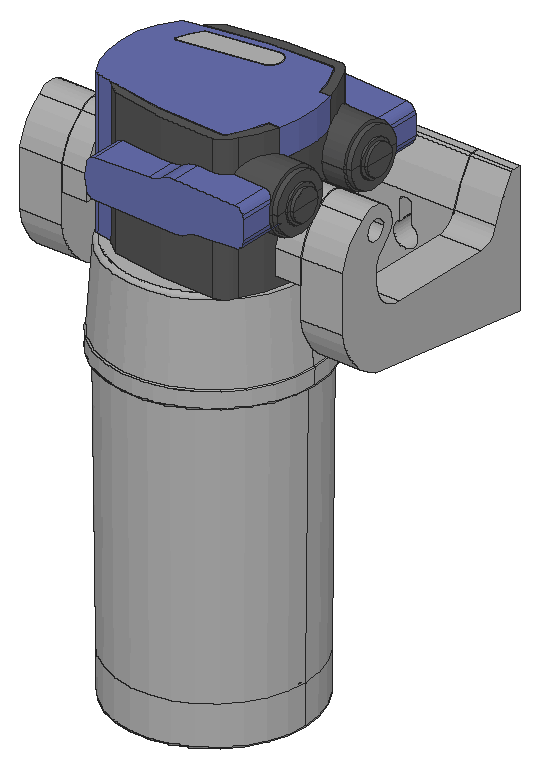
Revit family "QF_Vivreau_PURITY C1000 AC", category Specialty Equipment, Revit 2019
Family settings
  Round Connector Dimension = Use Diameter
  Part Type = Normal
  OmniClass Number = 23.40.40.14.24
  OmniClass Title = Food Dispensing Equipment
  Work Plane-Based = No
  Always vertical = Yes
  Cut with Voids When Loaded = No
  Shared = No
  Room Calculation Point = No
Parameters
  Width = 0' - 4 1/4"  # constant formula
  Weight in Pounds = 2.2
  Wall Bracket Location [instance] = if(Wall Bracket, 0' 0 15/16", 0' 0")  # 0' - 0 15/16"
  Wall Bracket [instance] = yes
  URL Cutsheet = "https://vivreauwater.com/wp-content/uploads/2023/03/Purity-C-1000-AC_EN.pdf"
  URL = "www.vivreauwater.com/professional-filters"
  Status = ""
  Specification by User [instance] = ""
  Specification by Manufacturer = "PURITY C1000 AC water filtration cartridge. Max. operating pressure 125 psi, water intake temperature 39.2 - 86 Fahrenheit. Dimensions with filter head  w/d/h 4.29/3.66/9.37 inch. Weight dry/wet 1.1/2.2 lb, position vertical. 2 step filtration process with pre-filtration and activated carbon filtration."
  Serial Number [instance] = ""
  Seismic Rating = ""
  SMACNA No = ""
  Revision Code = ""
  Plumbing Remarks = ""
  Plumbing Connection Type = "NPT"
  NAFEM Spec ID Number = ""
  Mounting Height [instance] = 3' - 0"
  Model = "PURITY C1000 AC"
  Masterspec = "Division 11"
  Manufacturer = "Vivreau"
  Item Number [instance] = ""
  Installed By [instance] = ""
  Identify Quantity as Lot = yes
  Height = 0' - 9 23/64"  # constant formula
  Furnished By [instance] = ""
  Foodservice Equipment Identifier = yes
  Description = "Water Filter"
  Depth = 0' - 4 1/4"  # constant formula
  Cold Water Temperature Recommended = 40 °F
  Cold Water Size = 1/2"
  Cold Water RI Height = 0' - 0"
  Cold Water Minimum Pressure = 29.00 psi
  Cold Water Maximum Pressure = 125.00 psi
  Cold Water Flow = 0.617 GPM
  Cold Water Connection Height = 0' - 9 1/2"
  CSI MasterFormat = "11 46 00"
  Assembly Code = "E1090320"
Reference planes (in)
  plane 1 "BACK": y = 0
  plane 2 "REF. LAYER": z = 0
  plane 3 "LEFT": x = 0
  plane 4 "RIGHT": x = 4.25
  plane 5 "FRONT": y = -4.25
  plane 6 "Center (Left/Right)": x = 2.125
  plane 7 "Center (Front/Back)": y = -2.125
  plane 8 "Center (Bottom/Top)": z = 36
  plane 9 "Center F/C": z = 45.35938
  plane 10 "Center F/G": z = 43.58765
  plane 11 "Center F/I": z = 44.50338
  plane 12 "Center F/J": x = 4.31004
  plane 13 "Center F/K": y = 0.9375
Forms (in)
  Revolve 1, solid, material "QF_Plastic-Gray-Smooth"
    sketch origin (0, -2.125, 0) x (1, 0, 0) y (0, 0, 1)
      loop
        arc (3.82382, 41.24016) -> (3.83774, 41.24592) -> (3.8435, 41.25984) r 0.01969
        line (3.8435, 41.25984) -> (3.8435, 41.51575) -> (3.82788, 41.54281)
        arc (3.82788, 41.54281) -> (3.80203, 42.19614) -> (3.73013, 42.846) r 9.25537
        arc (3.73013, 42.846) -> (3.7037, 42.89416) -> (3.65222, 42.91333) r 0.07874
        line (3.65222, 42.91333) -> (3.36459, 42.91333)
        arc (3.36459, 42.91333) -> (3.35071, 42.91905) -> (3.3449, 42.93289) r 0.01969
        arc (3.3449, 42.93289) -> (3.33965, 43.1915) -> (3.32718, 43.44986) r 9.25537
        line (3.32718, 43.44986) -> (3.30103, 43.48908)
        arc (3.30103, 43.48908) -> (3.29119, 43.50994) -> (3.28781, 43.53275) r 0.07874
        line (3.28781, 43.53275) -> (3.28781, 43.56797)
        arc (3.28781, 43.56797) -> (3.28204, 43.58189) -> (3.26812, 43.58765) r 0.01969
        line (3.26812, 43.58765) -> (2.125, 43.58765) -> (2.125, 36.07874) -> (2.20374, 36.07874)
        arc (2.20374, 36.07874) -> (2.95652, 36.22627) -> (3.59793, 36.64705) r 1.99429
        line (3.59793, 36.64705) -> (3.60888, 36.01947)
        arc (3.60888, 36.01947) -> (3.61481, 36.00568) -> (3.6287, 36) r 0.01982
        line (3.6287, 36) -> (3.66798, 36)
        arc (3.66798, 36) -> (3.68217, 36.00584) -> (3.68814, 36.01999) r 0.02016
        line (3.68814, 36.01999) -> (3.69394, 36.68504) -> (3.7372, 41.24016) -> (3.82382, 41.24016)
      axis (2.125, 43.58765) -> (2.125, 36)
    angle from 0 to 360
Lines and regions (in)
  symbolic lines
    curve 1: arc (4.21161, -2.52708, 0) -> (4.25, -2.125, 0) -> (4.21161, -1.72292, 0) r 2.125
    curve 2: arc (1.55403, -0.50412, 0) -> (0.77429, -1.06253, 0) -> (0.41524, -1.95184, 0) r 1.7185
    curve 3: arc (0.41521, -2.29787, 0) -> (0.77418, -3.18732, 0) -> (1.55394, -3.74585, 0) r 1.7185
Dimensions and locks (in)
  "Width": plane 3 "LEFT" to plane 4 "RIGHT"
  "Depth": plane 5 "FRONT" to plane 1 "BACK"
  equal spacing: plane 3 "LEFT", plane 6 "Center (Left/Right)", plane 4 "RIGHT"
  equal spacing: plane 5 "FRONT", plane 7 "Center (Front/Back)", plane 1 "BACK"
  "Mounting Height": plane 8 "Center (Bottom/Top)" to plane 2 "REF. LAYER"
  plane 11 "Center F/I" to plane 10 "Center F/G" to plane 8 "Center (Bottom/Top)" = 0' - 0.91573" locked, 0' - 7.58765" locked
  "Height": plane 9 "Center F/C" to plane 8 "Center (Bottom/Top)"
  locked: plane 4 "RIGHT" to plane 12 "Center F/J" at 0.06004
  "Wall Bracket Location": plane 1 "BACK" to plane 13 "Center F/K"
  aligned and locked: level to plane 2 "REF. LAYER"
  aligned and locked: plane 7 "Center (Front/Back)" to nested 1
  aligned and locked: nested 1 to plane 12 "Center F/J"
  aligned and locked: plane 13 "Center F/K" to nested 2
Automatic sketch dimensions
  Revolve 1 sketch curve to plane 6 "Center (Left/Right)" = 0' - 0"  (x2)
  Revolve 1 sketch curve to plane 10 "Center F/G" = 0' - 0"  (x2)
  Revolve 1 sketch curve to plane 8 "Center (Bottom/Top)" = 0' - 0"
  Revolve 1 sketch curve to plane 10 "Center F/G" = 0' - 2.08382"
  Revolve 1 sketch curve to plane 3 "LEFT" = 0' - 5.42741"
  Revolve 1 sketch curve to plane 10 "Center F/G" = 0' - 0.71331"
  Revolve 1 sketch curve to Revolve 1 sketch curve = 0' - 0.48287"
  plane 6 "Center (Left/Right)" to Revolve 1 sketch curve = 0' - 0.07874"
  Revolve 1 sketch curve to plane 10 "Center F/G" = 0' - 0.01969"
  Revolve 1 sketch curve to plane 4 "RIGHT" = 0' - 0.98188"
  Revolve 1 sketch curve to plane 10 "Center F/G" = 0' - 0.09858"
  Revolve 1 sketch curve to Revolve 1 sketch curve = 0' - 0.01322"
  Revolve 1 sketch curve to plane 10 "Center F/G" = 0' - 0.1378"
  Revolve 1 sketch curve to Revolve 1 sketch curve = 0' - 0.02615"
  Revolve 1 sketch curve to Revolve 1 sketch curve = 0' - 0.03741"
  Revolve 1 sketch curve to plane 10 "Center F/G" = 0' - 0.0549"
  plane 8 "Center (Bottom/Top)" to Revolve 1 sketch curve = 0' - 0.01947"
  Revolve 1 sketch curve to plane 4 "RIGHT" = 0' - 0.64112"
  Revolve 1 sketch curve to Revolve 1 sketch curve = 0' - 0.01982"
  Revolve 1 sketch curve to Revolve 1 sketch curve = 0' - 0.28763"
  Revolve 1 sketch curve to Revolve 1 sketch curve = 0' - 0.03928"
  plane 8 "Center (Bottom/Top)" to Revolve 1 sketch curve = 0' - 0.01999"
  Revolve 1 sketch curve to Revolve 1 sketch curve = 0' - 0.02016"
  Revolve 1 sketch curve to plane 4 "RIGHT" = 0' - 0.55606"
  Revolve 1 sketch curve to plane 4 "RIGHT" = 0' - 0.5128"
  Revolve 1 sketch curve to Revolve 1 sketch curve = 0' - 0.08661"
  Revolve 1 sketch curve to Revolve 1 sketch curve = 0' - 0.00406"
  Revolve 1 sketch curve to Revolve 1 sketch curve = 0' - 0 1/64"
  plane 8 "Center (Bottom/Top)" to Revolve 1 sketch curve = 0' - 0.07874"
  Revolve 1 sketch curve to Revolve 1 sketch curve = 0' - 0.66505"
  Revolve 1 sketch curve to Revolve 1 sketch curve = 0' - 1.99429"
  Revolve 1 sketch curve to Revolve 1 sketch curve = 0' - 2.2097"
  Revolve 1 sketch curve to Revolve 1 sketch curve = 0' - 0.25591"
  Revolve 1 sketch curve to Revolve 1 sketch curve = 0' - 0.02706"
  Revolve 1 sketch curve to Revolve 1 sketch curve = 0' - 0.61527"
  Revolve 1 sketch curve to Revolve 1 sketch curve = 0' - 0.07874"
  Revolve 1 sketch curve to Revolve 1 sketch curve = 0' - 0.01969"
  Revolve 1 sketch curve to Revolve 1 sketch curve = 0' - 0.09601"
  Revolve 1 sketch curve to plane 8 "Center (Bottom/Top)" = 0' - 0.91235"
  curve 1 to curve 2 = 0' - 0"  (x2)
  curve 1 to curve 3 = 0' - 0"  (x2)
  curve 2 to curve 3 = 0' - 0"  (x2)
  curve 1 to plane 6 "Center (Left/Right)" = 0' - 0"
  plane 7 "Center (Front/Back)" to curve 2 = 0' - 0"
  curve 2 to plane 6 "Center (Left/Right)" = 0' - 0.57097"
  curve 3 to plane 6 "Center (Left/Right)" = 0' - 0.57106"
  curve 2 to plane 7 "Center (Front/Back)" = 0' - 0.17316"
  plane 3 "LEFT" to curve 2 = 0' - 0.41524"
  plane 7 "Center (Front/Back)" to curve 3 = 0' - 0.17287"
  curve 3 to curve 2 = 0' - 0.00003"
  curve 1 to plane 4 "RIGHT" = 0' - 0.03839"  (x2)
  plane 7 "Center (Front/Back)" to curve 1 = 0' - 0.40208"
Nested families (in)
  nested 1: "QF_Vivreau_ Filter Head" at (0.56167, -0.22503, -1.07084), Mounting Height <- "Mounting Height", type "QF_Vivreau_ Filter Head"
    with Specification by User "", Serial Number "", Mounting Height 3' - 0", Installed By "", Furnished By ""
  nested 2: "QF_Vivreau_Wall Bracket" at (-0.61927, 0.9375, -1.07084), Mounting Height <- "Mounting Height", visible <- "Wall Bracket", type "QF_Vivreau_Wall Bracket"
    with Specification by User "", Serial Number "", Mounting Height 3' - 0", Installed By "", Furnished By ""
Connectors (in)
  piping at (4.31004, -2.9124, 44.50338), diameter 0.5, driven by "Cold Water Size", driven by "Cold Water Flow"
    settings: on nested 1, index 1, connector inside diameter 24", connector length 0' - 0", flow factor 0, pipe flow 0.617 GPM, pressure drop 0.00 psi, fitting loss kfactor 0, connector angle 0.00°, fixture units 0, engagement length 0' - 0", angle of deflection 0.00°, flow configuration 1, flow direction 1, fitting loss method 0, system type 20, joint type 0, gender type 0, connector reference index -1, connector utility 0, adjustable connector no, is connector primary yes, connector description "Cold Water"
Definition of nested family "QF_Vivreau_ Filter Head"
  Parameters (values of type "QF_Vivreau_ Filter Head")
    Width = 3' - 0"
    Weight in Pounds = 0
    URL Cutsheet = ""
    Status = ""
    Specification by User [instance] = ""
    Specification by Manufacturer = ""
    Serial Number [instance] = ""
    Seismic Rating = ""
    SMACNA No = ""
    Revision Code = ""
    NAFEM Spec ID Number = ""
    Mounting Height [instance] = 3' - 0"
    Masterspec = ""
    Installed By [instance] = ""
    Identify Quantity as Lot = yes
    Height = 3' - 0"
    Furnished By [instance] = ""
    Foodservice Equipment Identifier = yes
    Depth = 3' - 0"
    CSI MasterFormat = ""
  Reference planes (in)
    plane 1 "BACK": y = 0
    plane 2 "REF. LAYER": z = 0
    plane 3 "LEFT": x = 0
    plane 4 "Center F/C": x = 3.74837
    plane 5 "Center F/D": y = -3.83618
    plane 6 "Center F/E": z = 45.57422
    plane 7 "Center F/F": z = 46.4291
    plane 8 "Center F/G": z = 44.00529
    plane 9 "Center F/H": z = 45.10088
    plane 10 "Center F/I": z = 45.92897
    plane 11 "Center F/J": y = -1.89997
    plane 12 "Center F/K": z = 36
    plane 13 "Center F/L": z = 46.28629
  Forms (in)
    Extrusion 1, solid
      sketch origin (-0.56167, 0.22503, 0) x (1, 0, 0) y (0, 1, 0)
        loop
          arc (3.17939, -3.30146) -> (3.22697, -3.28602) -> (3.25911, -3.24769) r 0.09059
          arc (3.25911, -3.24769) -> (3.55796, -2.125) -> (3.25911, -1.00231) r 2.25819
          arc (3.25911, -1.00231) -> (3.22697, -0.96398) -> (3.17939, -0.94854) r 0.09059
          arc (3.17939, -0.94854) -> (2.02567, -0.99526) -> (0.89165, -1.21272) r 7.75678
          arc (0.89165, -1.21272) -> (0.86179, -1.21999) -> (0.83702, -1.2382) r 0.07824
          arc (0.83702, -1.2382) -> (0.56167, -2.125) -> (0.83702, -3.0118) r 1.56569
          arc (0.83702, -3.0118) -> (0.86179, -3.03001) -> (0.89165, -3.03728) r 0.07824
          arc (0.89165, -3.03728) -> (2.02567, -3.25474) -> (3.17939, -3.30146) r 7.75678
      from 44.00529 to 46.4291
    Revolve 2, solid
      sketch origin (-16.04659, -180, 45.57422) x (-1, 0, 0) y (0, -1, 0)
        loop
          line (-19.59812, -178.88743) -> (-18.72075, -178.88743) -> (-18.7668, -178.36111) -> (-19.59812, -178.37562) -> (-19.59812, -178.88743)
        axis (-18.72075, -178.88743) -> (-19.59812, -178.88743)
      angle from 0 to 360
    Revolve 3, solid
      sketch origin (-16.04659, -180, 45.57422) x (-1, 0, 0) y (0, -1, 0)
        loop
          line (-19.59812, -177.31262) -> (-18.72075, -177.31262) -> (-18.7668, -176.7863) -> (-19.59812, -176.80081) -> (-19.59812, -177.31262)
        axis (-18.72075, -177.31262) -> (-19.59812, -177.31262)
      angle from 0 to 360
    Extrusion 4, void
      sketch origin (-0.56167, 0.22503, 0) x (0, 1, 0) y (0, 0, 1)
        loop
          circle (-2.125, 45.04272) r 0.20757
      from 3.17075 to 3.77712
    Extrusion 5, void
      sketch origin (-2.8954, 0.22503, 0) x (0, 1, 0) y (0, 0, 1)
        loop
          circle (-2.125, 45.04272) r 0.20757
      from 2.77402 to 3.28855
    Revolve 6, solid
      sketch origin (-16.04659, -180, 45.57422) x (-1, 0, 0) y (0, -1, 0)
        loop
          line (-19.59812, -178.88743) -> (-19.59812, -178.41499) -> (-19.69654, -178.41499) -> (-19.69654, -178.58034) -> (-19.73591, -178.58379) -> (-19.73591, -178.63349) -> (-19.79497, -178.63349) -> (-19.79497, -178.88743) -> (-19.59812, -178.88743)
        axis (-19.59812, -178.88743) -> (-19.79497, -178.88743)
      angle from 0 to 360
    Revolve 7, solid
      sketch origin (-16.04659, -180, 45.57422) x (-1, 0, 0) y (0, -1, 0)
        loop
          line (-19.59812, -177.31262) -> (-19.59812, -176.84018) -> (-19.69654, -176.84018) -> (-19.69654, -177.00554) -> (-19.73591, -177.00898) -> (-19.73591, -177.05869) -> (-19.79497, -177.05869) -> (-19.79497, -177.31262) -> (-19.59812, -177.31262)
        axis (-19.59812, -177.31262) -> (-19.79497, -177.31262)
      angle from 0 to 360
    Extrusion 8, solid
      sketch origin (0, 0, 0) x (0, 1, 0) y (0, 0, 1)
        loop
          circle (-1.89997, 45.04272) r 0.20757
        loop
          circle (-1.89997, 45.04272) r 0.14507
      from 2.60908 to 3.21169
    Extrusion 9, solid
      sketch origin (-2.62125, 0, 0) x (0, 1, 0) y (0, 0, 1)
        loop
          circle (-1.89997, 45.04272) r 0.20757
        loop
          circle (-1.89997, 45.04272) r 0.14507
      from 2.60908 to 3.01441
    Extrusion 10, solid
      sketch origin (0, 0, 0) x (1, 0, 0) y (0, 1, 0)
        loop
          arc (2.61773, -0.72352) -> (2.65703, -0.73399) -> (2.68778, -0.7606) r 0.09059
          arc (2.68778, -0.7606) -> (2.99629, -1.89997) -> (2.68778, -3.03935) r 2.25819
          arc (2.68778, -3.03935) -> (2.65703, -3.06596) -> (2.61773, -3.07643) r 0.09059
          arc (2.61773, -3.07643) -> (1.60555, -3.04475) -> (0.60613, -2.88147) r 7.75678
          arc (0.60613, -2.88147) -> (0.72009, -2.98959) -> (0.8462, -3.08325) r 1.30616
          arc (0.8462, -3.08325) -> (1.72654, -3.2138) -> (2.6163, -3.23254) r 7.05821
          arc (2.6163, -3.23254) -> (2.77551, -3.16312) -> (2.87152, -3.01839) r 0.30684
          arc (2.87152, -3.01839) -> (3.18694, -1.89997) -> (2.87152, -0.78156) r 2.14057
          arc (2.87152, -0.78156) -> (2.77551, -0.63683) -> (2.6163, -0.5674) r 0.30684
          arc (2.6163, -0.5674) -> (1.72654, -0.58614) -> (0.8462, -0.7167) r 7.05821
          arc (0.8462, -0.7167) -> (0.72009, -0.81036) -> (0.60613, -0.91847) r 1.30616
          arc (0.60613, -0.91847) -> (1.60555, -0.7552) -> (2.61773, -0.72352) r 7.75678
      from 44.00529 to 46.4291
    Extrusion 11, void
      sketch origin (0, 0, 0) x (1, 0, 0) y (0, 1, 0)
        loop
          arc (2.92876, -1.35185) -> (2.99629, -1.89997) -> (2.92876, -2.4481) r 2.25819
          line (2.92876, -2.4481) -> (3.11557, -2.4481)
          arc (3.11557, -2.4481) -> (3.18694, -1.89997) -> (3.11557, -1.35185) r 2.14057
          line (3.11557, -1.35185) -> (2.92876, -1.35185)
      from 45.92897 to 46.4291
    Extrusion 12, solid
      sketch origin (0, 0, 0) x (1, 0, 0) y (0, 1, 0)
        loop
          arc (0.70049, -1.02146) -> (0.59462, -1.21203) -> (0.51669, -1.41563) r 1.54109
          arc (0.51669, -1.41563) -> (0.54, -1.44367) -> (0.57618, -1.44818) r 0.04958
          arc (0.57618, -1.44818) -> (1.21574, -1.31536) -> (1.86503, -1.24405) r 6.85047
          arc (1.86503, -1.24405) -> (2.03249, -1.03201) -> (1.82552, -0.85833) r 0.19395
          arc (1.82552, -0.85833) -> (1.26009, -0.91975) -> (0.70049, -1.02146) r 7.94315
      from 46.28629 to 46.4291
    Extrusion 13, solid
      sketch origin (0, 0, 0) x (1, 0, 0) y (0, 1, 0)
        loop
          arc (3.11557, -2.4481) -> (3.18694, -1.89997) -> (3.11557, -1.35185) r 2.14057
          line (3.11557, -1.35185) -> (2.92876, -1.35185)
          arc (2.92876, -1.35185) -> (2.99629, -1.89997) -> (2.92876, -2.4481) r 2.25819
          line (2.92876, -2.4481) -> (3.11557, -2.4481)
      from 45.92897 to 46.4291
    Extrusion 14, void
      sketch origin (0, 0, 0) x (1, 0, 0) y (0, 1, 0)
        loop
          arc (0.57618, -1.44818) -> (1.21574, -1.31536) -> (1.86503, -1.24405) r 6.85047
          arc (1.86503, -1.24405) -> (2.03249, -1.03201) -> (1.82552, -0.85833) r 0.19395
          arc (1.82552, -0.85833) -> (1.26009, -0.91975) -> (0.70049, -1.02146) r 7.94315
          arc (0.70049, -1.02146) -> (0.59462, -1.21203) -> (0.51669, -1.41563) r 1.54109
          arc (0.51669, -1.41563) -> (0.54, -1.44367) -> (0.57618, -1.44818) r 0.04958
      from 46.28629 to 46.4291
  Cuts and joins
    Extrusion 4, Extrusion 5, Extrusion 14 cuts Extrusion 1
    joined: Extrusion 1, Extrusion 13
    Extrusion 11 cuts Extrusion 10
  Lines and regions (in)
    symbolic lines
      curve 1: arc (0.32999, -2.81225, 0) -> (1.464, -3.02972, 0) -> (2.61773, -3.07643, 0) r 7.75678
      curve 2: arc (2.61773, -3.07643, 0) -> (2.6653, -3.061, 0) -> (2.69744, -3.02266, 0) r 0.09059
      curve 3: arc (2.69744, -3.02266, 0) -> (2.99629, -1.89997, 0) -> (2.69744, -0.77728, 0) r 2.25819
      curve 4: arc (2.69744, -0.77728, 0) -> (2.6653, -0.73895, 0) -> (2.61773, -0.72352, 0) r 0.09059
      curve 5: arc (2.61773, -0.72352, 0) -> (1.464, -0.77023, 0) -> (0.32999, -0.9877, 0) r 7.75678
      curve 6: arc (0.32999, -0.9877, 0) -> (0.30012, -0.99496, 0) -> (0.27535, -1.01317, 0) r 0.07824
      curve 7: arc (0.27535, -1.01317, 0) -> (0, -1.89997, 0) -> (0.27535, -2.78678, 0) r 1.56569
      curve 8: arc (0.27535, -2.78678, 0) -> (0.30012, -2.80499, 0) -> (0.32999, -2.81225, 0) r 0.07824
      curve 9: line (3.74837, -2.94131, 0) -> (3.68932, -2.94131, 0)
      curve 10: arc (0.85161, -0.6986, 0) -> (0.82653, -0.78661, 0) -> (0.80424, -0.87538, 0) r 2.89017
      curve 11: arc (0.85161, -0.6986, 0) -> (0.87512, -0.61425, 0) -> (0.90582, -0.53225, 0) r 1.0142
      curve 12: arc (0.90582, -0.53225, 0) -> (0.95826, -0.37458, 0) -> (1.01402, -0.21806, 0) r 7.87402
      curve 13: arc (1.01402, -0.21806, 0) -> (1.03304, -0.19156, 0) -> (1.06321, -0.17918, 0) r 0.05912
      curve 14: arc (1.06321, -0.17918, 0) -> (2.22788, -0.07327, 0) -> (3.39529, -0.1428, 0) r 7.79531
      curve 15: arc (3.39529, -0.1428, 0) -> (3.42859, -0.1583, 0) -> (3.44724, -0.18996, 0) r 0.0619
      curve 16: arc (3.44724, -0.18996, 0) -> (3.48188, -0.39473, 0) -> (3.50801, -0.60076, 0) r 5.02104
      curve 17: line (3.64995, -0.64013, 0) -> (3.55152, -0.64013, 0)
      curve 18: line (3.55152, -0.64013, 0) -> (3.55152, -0.60076, 0)
      curve 19: line (3.55152, -0.60076, 0) -> (3.50801, -0.60076, 0)
      curve 20: line (3.55152, -0.64013, 0) -> (3.55152, -1.62438, 0)
      curve 21: line (3.55152, -1.62438, 0) -> (3.16998, -1.63104, 0)
      curve 22: line (3.64995, -1.58501, 0) -> (3.55152, -1.58501, 0)
      curve 23: line (3.64995, -1.58501, 0) -> (3.64995, -0.64013, 0)
      curve 24: line (3.68932, -1.41621, 0) -> (3.64995, -1.41966, 0)
      curve 25: line (3.68932, -1.41621, 0) -> (3.68932, -0.80849, 0)
      curve 26: line (3.74837, -0.85864, 0) -> (3.68932, -0.85864, 0)
      curve 27: line (3.74837, -0.85864, 0) -> (3.74837, -1.36651, 0)
      curve 28: line (3.74837, -1.36651, 0) -> (3.68932, -1.36651, 0)
      curve 29: line (3.64995, -3.15982, 0) -> (3.55152, -3.15982, 0)
      curve 30: line (3.55152, -3.15982, 0) -> (3.55152, -3.19919, 0)
      curve 31: line (3.55152, -3.19919, 0) -> (3.50801, -3.19919, 0)
      curve 32: line (3.55152, -3.15982, 0) -> (3.55152, -2.17556, 0)
      curve 33: line (3.64995, -2.21493, 0) -> (3.55152, -2.21493, 0)
      curve 34: line (3.64995, -2.21493, 0) -> (3.64995, -3.15982, 0)
      curve 35: line (3.68932, -2.38373, 0) -> (3.64995, -2.38029, 0)
      curve 36: line (3.68932, -2.38373, 0) -> (3.68932, -2.99146, 0)
      curve 37: line (3.74837, -2.94131, 0) -> (3.68932, -2.94131, 0)
      curve 38: line (3.74837, -2.94131, 0) -> (3.74837, -2.43344, 0)
      curve 39: line (3.74837, -2.43344, 0) -> (3.68932, -2.43344, 0)
      curve 40: arc (0.85161, -3.10135, 0) -> (0.82653, -3.01334, 0) -> (0.80424, -2.92457, 0) r 2.89017
      curve 41: arc (0.85161, -3.10135, 0) -> (0.87512, -3.1857, 0) -> (0.90582, -3.2677, 0) r 1.0142
      curve 42: arc (0.90582, -3.2677, 0) -> (0.95826, -3.42537, 0) -> (1.01402, -3.58189, 0) r 7.87402
      curve 43: arc (1.01402, -3.58189, 0) -> (1.03304, -3.60839, 0) -> (1.06321, -3.62077, 0) r 0.05912
      curve 44: arc (1.06321, -3.62077, 0) -> (2.22788, -3.72667, 0) -> (3.39529, -3.65715, 0) r 7.79531
      curve 45: arc (3.39529, -3.65715, 0) -> (3.42859, -3.64164, 0) -> (3.44724, -3.60999, 0) r 0.0619
      curve 46: arc (3.44724, -3.60999, 0) -> (3.48188, -3.40522, 0) -> (3.50801, -3.19919, 0) r 5.02104
      curve 47: line (3.55152, -3.15982, 0) -> (3.55152, -3.19919, 0)
      curve 48: line (3.55152, -3.19919, 0) -> (3.50801, -3.19919, 0)
      curve 49: line (3.55152, -3.15982, 0) -> (3.55152, -2.17556, 0)
      curve 50: line (3.55152, -2.17556, 0) -> (3.16998, -2.1689, 0)
      curve 51: line (0, 0, 0) -> (3.74837, 0, 0)
      curve 52: line (0, -1.89997, 0) -> (2.99629, -1.89997, 0)
      curve 53: line (3.64995, -0.80549, 0) -> (3.68932, -0.80849, 0)
      curve 54: line (3.64995, -2.99446, 0) -> (3.68932, -2.99146, 0)
      curve 55: arc (2.6163, -0.5674, 0) -> (1.72654, -0.58614, 0) -> (0.8462, -0.7167, 0) r 7.05821
      curve 56: arc (0.8462, -0.7167, 0) -> (0.72009, -0.81036, 0) -> (0.60613, -0.91847, 0) r 1.30616
      curve 57: arc (2.87152, -0.78156, 0) -> (2.77551, -0.63683, 0) -> (2.6163, -0.5674, 0) r 0.30684
      curve 58: arc (2.87152, -3.01839, 0) -> (3.18694, -1.89997, 0) -> (2.87152, -0.78156, 0) r 2.14057
      curve 59: arc (2.6163, -3.23254, 0) -> (2.77551, -3.16312, 0) -> (2.87152, -3.01839, 0) r 0.30684
      curve 60: arc (0.8462, -3.08325, 0) -> (1.72654, -3.2138, 0) -> (2.6163, -3.23254, 0) r 7.05821
      curve 61: arc (0.60613, -2.88147, 0) -> (0.72009, -2.98959, 0) -> (0.8462, -3.08325, 0) r 1.30616
  Dimensions and locks (in)
    plane 7 "Center F/F" to plane 10 "Center F/I" to plane 6 "Center F/E" to plane 9 "Center F/H" to plane 8 "Center F/G" = 0' - 0.50013" locked, 0' - 0.35475" locked, 0' - 0.47334" locked, 0' - 1.09559" locked
    "Mounting Height": plane 12 "Center F/K" to plane 2 "REF. LAYER"
    plane 5 "Center F/D" to plane 11 "Center F/J" to plane 1 "BACK" = 0' - 1.93621" locked, 0' - 1.89997" locked
    locked: plane 6 "Center F/E" to nested 1 at 0.05953
    locked: plane 8 "Center F/G" to plane 12 "Center F/K" at 8.00529
    locked: plane 7 "Center F/F" to plane 13 "Center F/L" at 0.14281
    aligned and locked: level to plane 2 "REF. LAYER"
    aligned and locked: plane 7 "Center F/F" to cut or joined group of Extrusion 1, Extrusion 4, Extrusion 5, Extrusion 13, Extrusion 14
    aligned and locked: cut or joined group of Extrusion 1, Extrusion 4, Extrusion 5, Extrusion 13, Extrusion 14 to plane 8 "Center F/G"
    aligned and locked: plane 3 "LEFT" to curve 51
    aligned and locked: plane 4 "Center F/C" to curve 51
    aligned and locked: curve 51 to plane 2 "REF. LAYER"
    aligned and locked: plane 11 "Center F/J" to curve 52
    aligned and locked: nested 1 to plane 11 "Center F/J"
    aligned and locked: plane 11 "Center F/J" to nested 1
    aligned and locked: Extrusion 10 to cut or joined group of Extrusion 1, Extrusion 4, Extrusion 5, Extrusion 13, Extrusion 14
    aligned and locked: cut or joined group of Extrusion 1, Extrusion 4, Extrusion 5, Extrusion 13, Extrusion 14 to Extrusion 10
    aligned and locked: Extrusion 11 to cut or joined group of Extrusion 1, Extrusion 4, Extrusion 5, Extrusion 13, Extrusion 14
    aligned and locked: Extrusion 11 to plane 10 "Center F/I"
    aligned and locked: cut or joined group of Extrusion 1, Extrusion 4, Extrusion 5, Extrusion 13, Extrusion 14 to Extrusion 12
    aligned and locked: Extrusion 13 to cut or joined group of Extrusion 1, Extrusion 4, Extrusion 5, Extrusion 13, Extrusion 14
    aligned and locked: Extrusion 13 to plane 10 "Center F/I"
    aligned and locked: cut or joined group of Extrusion 1, Extrusion 4, Extrusion 5, Extrusion 13, Extrusion 14 to Extrusion 14
    aligned and locked: Extrusion 14 to plane 13 "Center F/L"
    aligned and locked: Extrusion 12 to plane 13 "Center F/L"
    aligned and locked: plane 13 "Center F/L" to Extrusion 12
  Automatic sketch dimensions
    curve 52 to plane 3 "LEFT" = 0' - 0"
    plane 11 "Center F/J" to curve 3 = 0' - 0"
    plane 11 "Center F/J" to curve 7 = 0' - 0"
    curve 39 to plane 4 "Center F/C" = 0' - 0"
    curve 28 to plane 4 "Center F/C" = 0' - 0"
    curve 16 to plane 3 "LEFT" = 0' - 1.48511"
    curve 46 to plane 3 "LEFT" = 0' - 1.48511"
    plane 3 "LEFT" to curve 8 = 0' - 0.33318"
    plane 3 "LEFT" to curve 6 = 0' - 0.33318"
    plane 3 "LEFT" to curve 3 = 0' - 0.7381"
    plane 1 "BACK" to curve 13 = 0' - 0.23795"
    plane 3 "LEFT" to curve 13 = 0' - 1.0697"
    curve 43 to plane 5 "Center F/D" = 0' - 0.27418"
    plane 3 "LEFT" to curve 43 = 0' - 1.0697"
    curve 3 to curve 7 = 0' - 0.82759"
    curve 7 to curve 11 = 0' - 0.27372"
    curve 7 to curve 41 = 0' - 0.27372"
    curve 14 to plane 4 "Center F/C" = 0' - 1.39888"
    curve 44 to plane 4 "Center F/C" = 0' - 1.39888"
    curve 44 to curve 1 = 0' - 0.00431"
    curve 14 to curve 5 = 0' - 0.00431"
    curve 41 to curve 2 = 0' - 0.77523"
    curve 11 to curve 4 = 0' - 0.77523"
    plane 1 "BACK" to curve 15 = 0' - 0.20414"
    curve 15 to plane 4 "Center F/C" = 0' - 0.36139"
    curve 45 to plane 4 "Center F/C" = 0' - 0.36139"
    curve 48 to plane 4 "Center F/C" = 0' - 0.24036"
    curve 19 to plane 4 "Center F/C" = 0' - 0.24036"
    curve 16 to curve 19 = 0' - 0.04351"
    curve 31 to curve 48 = 0' - 0.04351"
    curve 22 to curve 10 = 0' - 0.0667"
    curve 33 to curve 40 = 0' - 0.0667"
    curve 17 to curve 17 = 0' - 0.09843"
    curve 29 to curve 34 = 0' - 0.09843"
    curve 24 to curve 25 = 0' - 0.03937"
    curve 35 to curve 35 = 0' - 0.03937"
    plane 1 "BACK" to curve 42 = 0' - 0.86161"
    plane 4 "Center F/C" to curve 42 = 0' - 4.65484"
    curve 12 to plane 5 "Center F/D" = 0' - 0.89785"
    curve 12 to curve 42 = 0' - 0"
    curve 45 to plane 5 "Center F/D" = 0' - 0.24037"
    plane 5 "Center F/D" to curve 14 = 0' - 4.03145"
    curve 5 to curve 14 = 0' - 0.60817"
    curve 45 to curve 47 = 0' - 0.39662"
    curve 30 to curve 34 = 0' - 0.03937"
    curve 29 to curve 36 = 0' - 0.16836"
    curve 2 to plane 5 "Center F/D" = 0' - 0.85029"
    curve 36 to curve 9 = 0' - 0.05014"
    curve 2 to curve 41 = 0' - 0.11446"
    plane 11 "Center F/J" to curve 8 = 0' - 0.8341"
    plane 11 "Center F/J" to curve 46 = 0' - 0.77047"
    curve 9 to curve 39 = 0' - 0.50787"
    curve 39 to curve 36 = 0' - 0.04971"
    curve 35 to curve 40 = 0' - 0.11843"
    curve 40 to curve 34 = 0' - 0.05037"
    curve 33 to curve 49 = 0' - 0.03937"
    curve 21 to plane 11 "Center F/J" = 0' - 0.27559"
    curve 20 to curve 22 = 0' - 0.03937"
    curve 22 to curve 10 = 0' - 0.05037"
    curve 10 to curve 24 = 0' - 0.11843"
    curve 24 to curve 27 = 0' - 0.04971"
    curve 16 to plane 11 "Center F/J" = 0' - 0.77047"
    curve 6 to plane 11 "Center F/J" = 0' - 0.8341"
    plane 1 "BACK" to curve 11 = 0' - 0.92852"
    curve 27 to curve 26 = 0' - 0.50787"
    curve 11 to curve 4 = 0' - 0.11446"
    curve 26 to curve 25 = 0' - 0.05014"
    curve 25 to curve 17 = 0' - 0.16836"
    curve 17 to curve 19 = 0' - 0.03937"
    curve 44 to curve 1 = 0' - 0.60817"
    curve 8 to curve 8 = 0' - 0.05783"
    curve 6 to curve 6 = 0' - 0.05783"
    curve 7 to curve 6 = 0' - 0.05464"
    curve 8 to curve 8 = 0' - 0.05464"
    curve 8 to curve 40 = 0' - 0.47425"
    curve 5 to curve 10 = 0' - 0.47425"
    curve 40 to curve 40 = 0' - 0.04737"
    curve 10 to curve 10 = 0' - 0.04737"
    curve 10 to curve 11 = 0' - 0.05421"
    curve 41 to curve 41 = 0' - 0.05421"
    curve 43 to curve 43 = 0' - 0.05568"
    curve 12 to curve 13 = 0' - 0.05568"
    curve 43 to curve 43 = 0' - 0.00649"
    curve 13 to curve 13 = 0' - 0.00649"
    curve 4 to curve 5 = 0' - 0"
    curve 2 to curve 1 = 0' - 0"
    curve 2 to curve 2 = 0' - 0.08279"
    curve 21 to plane 11 "Center F/J" = 0' - 0.26893"
    curve 15 to curve 14 = 0' - 0"
    curve 45 to curve 44 = 0' - 0"
    curve 54 to curve 36 = 0' - 0.00301"
    curve 35 to curve 35 = 0' - 0.00344"
    curve 24 to curve 24 = 0' - 0.00344"
    curve 25 to curve 53 = 0' - 0.00301"
    plane 11 "Center F/J" to Extrusion 1 sketch curve = 0' - 0"  (x2)
    plane 3 "LEFT" to Extrusion 1 sketch curve = 0' - 0.33318"  (x2)
    plane 3 "LEFT" to Extrusion 1 sketch curve = 0' - 0.7381"
    Extrusion 1 sketch curve to Extrusion 1 sketch curve = 0' - 0.82759"
    Extrusion 1 sketch curve to plane 4 "Center F/C" = 0' - 1.39457"  (x2)
    Extrusion 1 sketch curve to plane 4 "Center F/C" = 0' - 1.13373"  (x2)
    plane 11 "Center F/J" to Extrusion 1 sketch curve = 0' - 0.8341"
    Extrusion 1 sketch curve to plane 5 "Center F/D" = 0' - 0.85029"
    plane 5 "Center F/D" to Extrusion 1 sketch curve = 0' - 4.63962"
    Extrusion 1 sketch curve to plane 11 "Center F/J" = 0' - 0.8341"
    plane 1 "BACK" to Extrusion 1 sketch curve = 0' - 0.81406"
    Extrusion 1 sketch curve to plane 1 "BACK" = 0' - 4.67585"
    Extrusion 1 sketch curve to Extrusion 1 sketch curve = 0' - 0.0032"  (x2)
    Extrusion 1 sketch curve to Extrusion 1 sketch curve = 0' - 0.05464"  (x2)
    Extrusion 1 sketch curve to Extrusion 1 sketch curve = 0' - 0.00308"  (x2)
    Extrusion 1 sketch curve to Extrusion 1 sketch curve = 0' - 0"
    Extrusion 1 sketch curve to Extrusion 1 sketch curve = 0' - 0.08279"
    Revolve 2 sketch curve to plane 4 "Center F/C" = 0' - 0.19685"
    Revolve 2 sketch curve to plane 11 "Center F/J" = 0' - 0.26108"
    Revolve 2 sketch curve to Revolve 2 sketch curve = 0' - 0.83132"
    Revolve 2 sketch curve to Revolve 2 sketch curve = 0' - 0.04605"
    Revolve 2 sketch curve to plane 11 "Center F/J" = 0' - 0.27559"
    Revolve 2 sketch curve to Revolve 2 sketch curve = 0' - 0.52632"
    Revolve 2 sketch curve to Revolve 2 sketch curve = 0' - 0"  (x3)
    Revolve 3 sketch curve to plane 4 "Center F/C" = 0' - 0.19685"
    Revolve 3 sketch curve to Revolve 3 sketch curve = 0' - 0.83132"
    Revolve 3 sketch curve to Revolve 3 sketch curve = 0' - 0.04605"
    plane 11 "Center F/J" to Revolve 3 sketch curve = 0' - 0.7874"
    Revolve 3 sketch curve to Revolve 3 sketch curve = 0' - 0.51181"
    Revolve 3 sketch curve to Revolve 3 sketch curve = 0' - 0.52632"
    Revolve 3 sketch curve to Revolve 3 sketch curve = 0' - 0"  (x3)
    Extrusion 4 sketch curve to plane 11 "Center F/J" = 0' - 0"
    Extrusion 4 sketch curve to plane 9 "Center F/H" = 0' - 0.05816"
    Extrusion 5 sketch curve to plane 11 "Center F/J" = 0' - 0"
    Extrusion 5 sketch curve to plane 9 "Center F/H" = 0' - 0.05816"
    Revolve 6 sketch curve to plane 4 "Center F/C" = 0' - 0"
    Revolve 6 sketch curve to plane 4 "Center F/C" = 0' - 0.05906"
    Revolve 6 sketch curve to Revolve 6 sketch curve = 0' - 0.03937"
    Revolve 6 sketch curve to Revolve 6 sketch curve = 0' - 0.09843"
    Revolve 6 sketch curve to plane 11 "Center F/J" = 0' - 0.7874"
    Revolve 6 sketch curve to Revolve 6 sketch curve = 0' - 0.25394"
    Revolve 6 sketch curve to Revolve 6 sketch curve = 0' - 0.04971"
    Revolve 6 sketch curve to Revolve 6 sketch curve = 0' - 0.00344"
    Revolve 6 sketch curve to Revolve 6 sketch curve = 0' - 0.16535"
    Revolve 6 sketch curve to Revolve 6 sketch curve = 0' - 0.0902"
    Revolve 6 sketch curve to Revolve 6 sketch curve = 0' - 0"  (x2)
    Revolve 7 sketch curve to plane 4 "Center F/C" = 0' - 0"
    Revolve 7 sketch curve to plane 4 "Center F/C" = 0' - 0.05906"
    Revolve 7 sketch curve to Revolve 7 sketch curve = 0' - 0.03937"
    Revolve 7 sketch curve to Revolve 7 sketch curve = 0' - 0.09843"
    plane 11 "Center F/J" to Revolve 7 sketch curve = 0' - 0.7874"
    Revolve 7 sketch curve to Revolve 7 sketch curve = 0' - 0.25394"
    Revolve 7 sketch curve to Revolve 7 sketch curve = 0' - 0.04971"
    Revolve 7 sketch curve to Revolve 7 sketch curve = 0' - 0.00344"
    Revolve 7 sketch curve to Revolve 7 sketch curve = 0' - 0.16535"
    Revolve 7 sketch curve to Revolve 7 sketch curve = 0' - 0.0902"
    Revolve 7 sketch curve to Revolve 7 sketch curve = 0' - 0"  (x2)
    Extrusion 8 sketch curve to Extrusion 8 sketch curve = 0' - 0"  (x6)
    Extrusion 8 sketch curve to plane 11 "Center F/J" = 0' - 0"
    Extrusion 8 sketch curve to plane 9 "Center F/H" = 0' - 0.05816"
    Extrusion 8 sketch curve to Extrusion 8 sketch curve = 0' - 0.14507"
    Extrusion 9 sketch curve to Extrusion 9 sketch curve = 0' - 0"  (x6)
    Extrusion 9 sketch curve to plane 11 "Center F/J" = 0' - 0"
    Extrusion 9 sketch curve to plane 9 "Center F/H" = 0' - 0.05816"
    Extrusion 9 sketch curve to Extrusion 9 sketch curve = 0' - 0.14507"
    plane 11 "Center F/J" to Extrusion 10 sketch curve = 0' - 0"  (x2)
    plane 3 "LEFT" to Extrusion 10 sketch curve = 0' - 0.7381"
    Extrusion 10 sketch curve to Extrusion 10 sketch curve = 0' - 0.30827"
    plane 11 "Center F/J" to Extrusion 10 sketch curve = 0' - 0.08971"
    Extrusion 10 sketch curve to Extrusion 10 sketch curve = 0' - 0.5141"
    Extrusion 10 sketch curve to Extrusion 10 sketch curve = 0' - 0"  (x3)
    Extrusion 10 sketch curve to plane 4 "Center F/C" = 0' - 1.42862"  (x2)
    Extrusion 10 sketch curve to Extrusion 10 sketch curve = 0' - 0.03406"  (x2)
    Extrusion 10 sketch curve to plane 4 "Center F/C" = 0' - 1.1701"  (x2)
    Extrusion 10 sketch curve to Extrusion 10 sketch curve = 0' - 0.03637"  (x2)
    Extrusion 10 sketch curve to plane 5 "Center F/D" = 0' - 0.90812"
    Extrusion 10 sketch curve to Extrusion 10 sketch curve = 0' - 0.05782"  (x2)
    plane 5 "Center F/D" to Extrusion 10 sketch curve = 0' - 3.78319"
    Extrusion 10 sketch curve to Extrusion 10 sketch curve = 0' - 0.85642"  (x2)
    Extrusion 10 sketch curve to plane 11 "Center F/J" = 0' - 0.08971"
    plane 1 "BACK" to Extrusion 10 sketch curve = 0' - 0.87188"
    plane 3 "LEFT" to Extrusion 10 sketch curve = 0' - 0.60613"  (x2)
    Extrusion 10 sketch curve to Extrusion 10 sketch curve = 0' - 0.24007"  (x2)
    Extrusion 10 sketch curve to Extrusion 10 sketch curve = 0' - 0.00166"  (x2)
    Extrusion 10 sketch curve to Extrusion 10 sketch curve = 0' - 0.00308"  (x2)
    Extrusion 10 sketch curve to Extrusion 10 sketch curve = 0' - 0.07006"
    Extrusion 10 sketch curve to Extrusion 10 sketch curve = 0' - 0.18374"  (x2)
    plane 11 "Center F/J" to Extrusion 11 sketch curve = 0' - 0"  (x2)
    plane 3 "LEFT" to Extrusion 11 sketch curve = 0' - 0.7381"
    Extrusion 11 sketch curve to Extrusion 11 sketch curve = 0' - 0.30827"
    Extrusion 11 sketch curve to Extrusion 11 sketch curve = 0' - 0.18681"  (x2)
    plane 11 "Center F/J" to Extrusion 11 sketch curve = 0' - 0.54813"
    Extrusion 11 sketch curve to plane 4 "Center F/C" = 0' - 0.81961"
    plane 3 "LEFT" to Extrusion 12 sketch curve = 0' - 0.5638"
    Extrusion 12 sketch curve to Extrusion 12 sketch curve = 0' - 1.27575"
    Extrusion 12 sketch curve to plane 11 "Center F/J" = 0' - 0.03665"
    Extrusion 12 sketch curve to Extrusion 12 sketch curve = 0' - 0.15177"
    Extrusion 12 sketch curve to Extrusion 12 sketch curve = 0' - 0.11254"
    Extrusion 12 sketch curve to Extrusion 12 sketch curve = 0' - 0 179/256"
    Extrusion 12 sketch curve to plane 11 "Center F/J" = 0' - 0.4998"
    Extrusion 12 sketch curve to Extrusion 12 sketch curve = 0' - 0.81155"
    Extrusion 12 sketch curve to Extrusion 12 sketch curve = 0' - 0.04711"
    Extrusion 12 sketch curve to Extrusion 12 sketch curve = 0' - 0.01238"
    Extrusion 12 sketch curve to Extrusion 12 sketch curve = 0' - 0"  (x2)
    Extrusion 12 sketch curve to Extrusion 12 sketch curve = 0' - 0.13669"
    Extrusion 12 sketch curve to Extrusion 12 sketch curve = 0' - 0.01403"
    Extrusion 12 sketch curve to Extrusion 12 sketch curve = 0' - 0.02548"
    curve 55 to curve 14 = 0' - 0.02974"
    curve 14 to curve 55 = 0' - 0.24825"
    curve 55 to curve 10 = 0' - 0.00541"
    curve 55 to curve 4 = 0' - 0.00142"
    curve 56 to curve 7 = 0' - 0.00522"
    curve 56 to plane 11 "Center F/J" = 0' - 0.08971"
    curve 56 to curve 10 = 0' - 0.19811"
    curve 57 to curve 4 = 0' - 0.03637"
    curve 57 to curve 4 = 0' - 0.05782"
    curve 3 to curve 57 = 0' - 0.17408"
    plane 11 "Center F/J" to curve 58 = 0' - 0"
    curve 3 to curve 58 = 0' - 0.30827"
    curve 2 to curve 58 = 0' - 0.17408"
    curve 59 to curve 2 = 0' - 0.03637"
    curve 2 to curve 59 = 0' - 0.05782"
    curve 59 to curve 1 = 0' - 0.00142"
    curve 60 to curve 44 = 0' - 0.02974"
    curve 60 to curve 44 = 0' - 0.24825"
    curve 61 to curve 7 = 0' - 0.00522"
    plane 11 "Center F/J" to curve 61 = 0' - 0.08971"
    curve 61 to curve 40 = 0' - 0.19811"
    curve 52 to curve 21 = 0' - 0.17368"
    curve 52 to curve 50 = 0' - 0.17368"
    plane 11 "Center F/J" to Extrusion 13 sketch curve = 0' - 0"  (x2)
    plane 3 "LEFT" to Extrusion 13 sketch curve = 0' - 0.7381"
    Extrusion 13 sketch curve to Extrusion 13 sketch curve = 0' - 0.30827"
    Extrusion 13 sketch curve to plane 4 "Center F/C" = 0' - 0.81961"
    Extrusion 13 sketch curve to Extrusion 13 sketch curve = 0' - 0.18681"  (x2)
    Extrusion 13 sketch curve to plane 11 "Center F/J" = 0' - 0.54813"
    plane 3 "LEFT" to Extrusion 14 sketch curve = 0' - 0.5638"
    Extrusion 14 sketch curve to Extrusion 14 sketch curve = 0' - 1.27575"
    Extrusion 14 sketch curve to plane 11 "Center F/J" = 0' - 0.03665"
    Extrusion 14 sketch curve to Extrusion 14 sketch curve = 0' - 0.15177"
    Extrusion 14 sketch curve to plane 4 "Center F/C" = 0' - 1.46099"
    Extrusion 14 sketch curve to Extrusion 14 sketch curve = 0' - 0.11254"
    plane 5 "Center F/D" to Extrusion 14 sketch curve = 0' - 4.2453"
    Extrusion 14 sketch curve to Extrusion 14 sketch curve = 0' - 0 179/256"
    Extrusion 14 sketch curve to plane 11 "Center F/J" = 0' - 0.4998"
    Extrusion 14 sketch curve to Extrusion 14 sketch curve = 0' - 0.81155"
    Extrusion 14 sketch curve to Extrusion 14 sketch curve = 0' - 0.04711"
    Extrusion 14 sketch curve to Extrusion 14 sketch curve = 0' - 0.01238"
    Extrusion 14 sketch curve to Extrusion 14 sketch curve = 0' - 0"  (x2)
    Extrusion 14 sketch curve to Extrusion 14 sketch curve = 0' - 0.13669"
    radius of Extrusion 4 sketch curve = 0' - 0.20757"
    radius of Extrusion 5 sketch curve = 0' - 0.20757"
    radius of Extrusion 8 sketch curve = 0' - 0.20757"
    radius of Extrusion 9 sketch curve = 0' - 0.20757"
  Nested families (in)
    nested 1: "QF_Vivreau_Filter Handles" at (0, 0.00348, 45.10097), type "QF_Vivreau_Filter Handles"
      with Specification by User "", Serial Number "", Installed By "", Furnished By ""
  Definition of nested family "QF_Vivreau_Filter Handles"
    Parameters (values of type "QF_Vivreau_Filter Handles")
      Width = 3' - 0"
      Weight in Pounds = 0
      URL Cutsheet = ""
      Status = ""
      Specification by User [instance] = ""
      Specification by Manufacturer = ""
      Serial Number [instance] = ""
      Seismic Rating = ""
      SMACNA No = ""
      Revision Code = ""
      NAFEM Spec ID Number = ""
      Masterspec = ""
      Installed By [instance] = ""
      Identify Quantity as Lot = yes
      Height = 3' - 0"
      Furnished By [instance] = ""
      Foodservice Equipment Identifier = yes
      Depth = 3' - 0"
      CSI MasterFormat = ""
    Reference planes (in)
      plane 1 "BACK": y = 0
      plane 2 "REF. LAYER": z = 0
      plane 3 "LEFT": x = 0
      plane 4 "Center F/C": y = -3.80691
      plane 5 "Center F/D": y = -1.90346
      plane 6 "Center F/E": z = 0.82744
      plane 7 "Center F/G": z = 0.41372
    Forms (in)
      Extrusion 1, solid
        sketch origin (0, 0, 0.00057) x (1, 0, 0) y (0, 0, 1)
          loop
            arc (0.8571, 0.55383) -> (0.83682, 0.35511) -> (0.85692, 0.15637) r 0.98817
            arc (0.85692, 0.15637) -> (0.86589, 0.12276) -> (0.88395, 0.09303) r 0.12237
            arc (0.88395, 0.09303) -> (0.93471, 0.05225) -> (0.99753, 0.03515) r 0.15952
            arc (0.99753, 0.03515) -> (1.67538, 0.00582) -> (2.35383, -0.00057) r 20.04898
            arc (2.35383, -0.00057) -> (2.46018, 0.01423) -> (2.5591, 0.056) r 0.41198
            arc (2.5591, 0.056) -> (2.66038, 0.09965) -> (2.76926, 0.11724) r 0.44816
            arc (2.76926, 0.11724) -> (2.80698, 0.11798) -> (2.84471, 0.11743) r 1.0994
            arc (2.84471, 0.11743) -> (3.11065, 0.13237) -> (3.37687, 0.14075) r 10.80002
            arc (3.37687, 0.14075) -> (3.46417, 0.17008) -> (3.51799, 0.24481) r 0.15034
            arc (3.51799, 0.24481) -> (3.52598, 0.27307) -> (3.53184, 0.30184) r 0.39378
            arc (3.53184, 0.30184) -> (3.5372, 0.4622) -> (3.53184, 0.62256) r 2.40126
            arc (3.53184, 0.62256) -> (3.52497, 0.65354) -> (3.51681, 0.6842) r 0.75395
            arc (3.51681, 0.6842) -> (3.46404, 0.75745) -> (3.37897, 0.78767) r 0.1515
            line (3.37897, 0.78767) -> (2.35397, 0.82744)
            arc (2.35397, 0.82744) -> (2.24358, 0.81406) -> (2.14136, 0.77028) r 0.39277
            arc (2.14136, 0.77028) -> (2.03449, 0.72381) -> (1.91904, 0.70788) r 0.42817
            arc (1.91904, 0.70788) -> (1.45811, 0.69557) -> (0.99753, 0.67361) r 21.98526
            arc (0.99753, 0.67361) -> (0.93424, 0.65729) -> (0.88352, 0.61606) r 0.1531
            arc (0.88352, 0.61606) -> (0.86721, 0.58626) -> (0.8571, 0.55383) r 0.17143
        from 0.08356 to 0.9172
      Extrusion 2, solid
        sketch origin (0, -2.80616, 0.00057) x (1, 0, 0) y (0, 0, 1)
          loop
            arc (0.8571, 0.55383) -> (0.83682, 0.35511) -> (0.85692, 0.15637) r 0.98817
            arc (0.85692, 0.15637) -> (0.86589, 0.12276) -> (0.88395, 0.09303) r 0.12237
            arc (0.88395, 0.09303) -> (0.93471, 0.05225) -> (0.99753, 0.03515) r 0.15952
            arc (0.99753, 0.03515) -> (1.67538, 0.00582) -> (2.35383, -0.00057) r 20.04898
            arc (2.35383, -0.00057) -> (2.46018, 0.01423) -> (2.5591, 0.056) r 0.41198
            arc (2.5591, 0.056) -> (2.66038, 0.09965) -> (2.76926, 0.11724) r 0.44816
            arc (2.76926, 0.11724) -> (2.80698, 0.11798) -> (2.84471, 0.11743) r 1.0994
            arc (2.84471, 0.11743) -> (3.11065, 0.13237) -> (3.37687, 0.14075) r 10.80002
            arc (3.37687, 0.14075) -> (3.46417, 0.17008) -> (3.51799, 0.24481) r 0.15034
            arc (3.51799, 0.24481) -> (3.52598, 0.27307) -> (3.53184, 0.30184) r 0.39378
            arc (3.53184, 0.30184) -> (3.5372, 0.4622) -> (3.53184, 0.62256) r 2.40126
            arc (3.53184, 0.62256) -> (3.52497, 0.65354) -> (3.51681, 0.6842) r 0.75395
            arc (3.51681, 0.6842) -> (3.46404, 0.75745) -> (3.37897, 0.78767) r 0.1515
            line (3.37897, 0.78767) -> (2.35397, 0.82744)
            arc (2.35397, 0.82744) -> (2.24358, 0.81406) -> (2.14136, 0.77028) r 0.39277
            arc (2.14136, 0.77028) -> (2.03449, 0.72381) -> (1.91904, 0.70788) r 0.42817
            arc (1.91904, 0.70788) -> (1.45811, 0.69557) -> (0.99753, 0.67361) r 21.98526
            arc (0.99753, 0.67361) -> (0.93424, 0.65729) -> (0.88352, 0.61606) r 0.1531
            arc (0.88352, 0.61606) -> (0.86721, 0.58626) -> (0.8571, 0.55383) r 0.17143
        from 0.08356 to 0.9172
    Lines and regions (in)
      symbolic lines
        curve 1: line (1.75, -1.90346, 0) -> (3.5, -1.90346, 0)
        curve 2: line (0.83856, 0, 0.41372) -> (3.5367, 0, 0.41372)
    Dimensions and locks (in)
      locked: plane 6 "Center F/E" to plane 2 "REF. LAYER" at 0.82744
      equal spacing: plane 6 "Center F/E", plane 7 "Center F/G", plane 2 "REF. LAYER"
      aligned and locked: level to plane 2 "REF. LAYER"
    Automatic sketch dimensions
      curve 2 to plane 7 "Center F/G" = 0' - 0"
      plane 3 "LEFT" to curve 2 = 0' - 0.83856"
      curve 2 to curve 2 = 0' - 2.69814"
      curve 1 to plane 5 "Center F/D" = 0' - 0"
      plane 3 "LEFT" to curve 1 = 0' - 1 3/4"
      curve 1 to curve 1 = 0' - 1 3/4"
      Extrusion 1 sketch curve to level = 0' - 0"  (x2)
      level to Extrusion 1 sketch curve = 0' - 0.17134"
      plane 3 "LEFT" to Extrusion 1 sketch curve = 0' - 0.97844"
      plane 7 "Center F/G" to Extrusion 1 sketch curve = 0' - 0.10746"
      Extrusion 1 sketch curve to Extrusion 1 sketch curve = 0' - 0.02478"
      Extrusion 1 sketch curve to Extrusion 1 sketch curve = 0' - 0.02868"
      Extrusion 1 sketch curve to Extrusion 1 sketch curve = 0' - 0.02179"
      plane 7 "Center F/G" to Extrusion 1 sketch curve = 0' - 0.04905"
      Extrusion 1 sketch curve to Extrusion 1 sketch curve = 0' - 0.11092"
      Extrusion 1 sketch curve to plane 7 "Center F/G" = 0' - 0.05849"
      Extrusion 1 sketch curve to Extrusion 1 sketch curve = 0' - 0.68906"
      Extrusion 1 sketch curve to Extrusion 1 sketch curve = 0' - 0.09378"
      plane 3 "LEFT" to Extrusion 1 sketch curve = 0' - 2.20319"
      plane 3 "LEFT" to Extrusion 1 sketch curve = 0' - 2.27513"
      plane 7 "Center F/G" to Extrusion 1 sketch curve = 0' - 0.0216"
      Extrusion 1 sketch curve to Extrusion 1 sketch curve = 0' - 0.52056"
      Extrusion 1 sketch curve to plane 7 "Center F/G" = 0' - 0.00175"
      Extrusion 1 sketch curve to Extrusion 1 sketch curve = 0' - 0.00519"
      plane 6 "Center F/E" to Extrusion 1 sketch curve = 0' - 0.00057"
      Extrusion 1 sketch curve to Extrusion 1 sketch curve = 0' - 0.00842"
      Extrusion 1 sketch curve to Extrusion 1 sketch curve = 0' - 0.43503"
      plane 7 "Center F/G" to Extrusion 1 sketch curve = 0' - 0.06185"
      Extrusion 1 sketch curve to Extrusion 1 sketch curve = 0' - 0.44173"
      Extrusion 1 sketch curve to Extrusion 1 sketch curve = 0' - 0.02398"
      Extrusion 1 sketch curve to plane 7 "Center F/G" = 0' - 0.04717"
      Extrusion 1 sketch curve to Extrusion 1 sketch curve = 0' - 0.35084"
      Extrusion 1 sketch curve to Extrusion 1 sketch curve = 0' - 0.22978"
      Extrusion 1 sketch curve to Extrusion 1 sketch curve = 0' - 0.23163"
      Extrusion 1 sketch curve to plane 6 "Center F/E" = 0' - 0.0392"
      Extrusion 1 sketch curve to Extrusion 1 sketch curve = 0' - 0.00587"
      plane 3 "LEFT" to Extrusion 1 sketch curve = 0' - 3.58344"
      Extrusion 1 sketch curve to level = 0' - 0.33005"
      Extrusion 1 sketch curve to Extrusion 1 sketch curve = 0' - 0.6508"
      Extrusion 1 sketch curve to Extrusion 1 sketch curve = 0' - 9.67588"
      Extrusion 1 sketch curve to Extrusion 1 sketch curve = 0' - 10 79/128"
      Extrusion 1 sketch curve to Extrusion 1 sketch curve = 0' - 0.0236"
      Extrusion 1 sketch curve to plane 7 "Center F/G" = 0' - 0.12208"
      Extrusion 1 sketch curve to Extrusion 1 sketch curve = 0' - 0.00134"
      Extrusion 1 sketch curve to Extrusion 1 sketch curve = 0' - 0.15138"
      plane 6 "Center F/E" to Extrusion 1 sketch curve = 0' - 0.30918"
      Extrusion 1 sketch curve to Extrusion 1 sketch curve = 1' - 6.91181"
      level to Extrusion 1 sketch curve = 0' - 0.09359"
      Extrusion 1 sketch curve to Extrusion 1 sketch curve = 0' - 0"  (x5)
      Extrusion 1 sketch curve to Extrusion 1 sketch curve = 0' - 0.1197"
      Extrusion 1 sketch curve to Extrusion 1 sketch curve = 0' - 0.02642"
      Extrusion 1 sketch curve to Extrusion 1 sketch curve = 0' - 0.11401"
      Extrusion 1 sketch curve to plane 6 "Center F/E" = 0' - 0.11899"
      Extrusion 1 sketch curve to Extrusion 1 sketch curve = 0' - 0.07545"
      level to Extrusion 1 sketch curve = 0' - 0.14131"
      Extrusion 1 sketch curve to plane 6 "Center F/E" = 0' - 0.14267"
      Extrusion 1 sketch curve to Extrusion 1 sketch curve = 0' - 0.01385"
      Extrusion 2 sketch curve to level = 0' - 0"  (x2)
      level to Extrusion 2 sketch curve = 0' - 0.17134"
      plane 3 "LEFT" to Extrusion 2 sketch curve = 0' - 0.97844"
      plane 7 "Center F/G" to Extrusion 2 sketch curve = 0' - 0.10746"
      Extrusion 2 sketch curve to Extrusion 2 sketch curve = 0' - 0.02478"
      Extrusion 2 sketch curve to Extrusion 2 sketch curve = 0' - 0.02868"
      Extrusion 2 sketch curve to Extrusion 2 sketch curve = 0' - 0.02179"
      plane 7 "Center F/G" to Extrusion 2 sketch curve = 0' - 0.04905"
      Extrusion 2 sketch curve to Extrusion 2 sketch curve = 0' - 0.11092"
      Extrusion 2 sketch curve to plane 7 "Center F/G" = 0' - 0.05849"
      Extrusion 2 sketch curve to Extrusion 2 sketch curve = 0' - 0.68906"
      Extrusion 2 sketch curve to Extrusion 2 sketch curve = 0' - 0.09378"
      plane 3 "LEFT" to Extrusion 2 sketch curve = 0' - 2.20319"
      plane 3 "LEFT" to Extrusion 2 sketch curve = 0' - 2.27513"
      plane 7 "Center F/G" to Extrusion 2 sketch curve = 0' - 0.0216"
      Extrusion 2 sketch curve to Extrusion 2 sketch curve = 0' - 0.52056"
      Extrusion 2 sketch curve to plane 7 "Center F/G" = 0' - 0.00175"
      Extrusion 2 sketch curve to Extrusion 2 sketch curve = 0' - 0.00519"
      plane 6 "Center F/E" to Extrusion 2 sketch curve = 0' - 0.00057"
      Extrusion 2 sketch curve to Extrusion 2 sketch curve = 0' - 0.00842"
      Extrusion 2 sketch curve to Extrusion 2 sketch curve = 0' - 0.43503"
      plane 7 "Center F/G" to Extrusion 2 sketch curve = 0' - 0.06185"
      Extrusion 2 sketch curve to Extrusion 2 sketch curve = 0' - 0.44173"
      Extrusion 2 sketch curve to Extrusion 2 sketch curve = 0' - 0.02398"
      Extrusion 2 sketch curve to plane 7 "Center F/G" = 0' - 0.04717"
      Extrusion 2 sketch curve to Extrusion 2 sketch curve = 0' - 0.35084"
      Extrusion 2 sketch curve to Extrusion 2 sketch curve = 0' - 0.22978"
      Extrusion 2 sketch curve to Extrusion 2 sketch curve = 0' - 0.23163"
      Extrusion 2 sketch curve to plane 6 "Center F/E" = 0' - 0.0392"
      Extrusion 2 sketch curve to Extrusion 2 sketch curve = 0' - 0.00587"
      plane 3 "LEFT" to Extrusion 2 sketch curve = 0' - 3.58344"
      Extrusion 2 sketch curve to level = 0' - 0.33005"
      Extrusion 2 sketch curve to Extrusion 2 sketch curve = 0' - 0.6508"
      Extrusion 2 sketch curve to Extrusion 2 sketch curve = 0' - 9.67588"
      Extrusion 2 sketch curve to Extrusion 2 sketch curve = 0' - 10 79/128"
      Extrusion 2 sketch curve to Extrusion 2 sketch curve = 0' - 0.0236"
      Extrusion 2 sketch curve to plane 7 "Center F/G" = 0' - 0.12208"
      Extrusion 2 sketch curve to Extrusion 2 sketch curve = 0' - 0.00134"
      Extrusion 2 sketch curve to Extrusion 2 sketch curve = 0' - 0.15138"
      plane 6 "Center F/E" to Extrusion 2 sketch curve = 0' - 0.30918"
      Extrusion 2 sketch curve to Extrusion 2 sketch curve = 1' - 6.91181"
      level to Extrusion 2 sketch curve = 0' - 0.09359"
      Extrusion 2 sketch curve to Extrusion 2 sketch curve = 0' - 0"  (x5)
      Extrusion 2 sketch curve to Extrusion 2 sketch curve = 0' - 0.1197"
      Extrusion 2 sketch curve to Extrusion 2 sketch curve = 0' - 0.02642"
      Extrusion 2 sketch curve to Extrusion 2 sketch curve = 0' - 0.11401"
      Extrusion 2 sketch curve to plane 6 "Center F/E" = 0' - 0.11899"
      Extrusion 2 sketch curve to Extrusion 2 sketch curve = 0' - 0.07545"
      level to Extrusion 2 sketch curve = 0' - 0.14131"
      Extrusion 2 sketch curve to plane 6 "Center F/E" = 0' - 0.14267"
      Extrusion 2 sketch curve to Extrusion 2 sketch curve = 0' - 0.01385"
Definition of nested family "QF_Vivreau_Wall Bracket"
  Parameters (values of type "QF_Vivreau_Wall Bracket")
    Width = 3' - 0"
    Weight in Pounds = 0
    URL Cutsheet = ""
    Status = ""
    Specification by User [instance] = ""
    Specification by Manufacturer = ""
    Serial Number [instance] = ""
    Seismic Rating = ""
    SMACNA No = ""
    Revision Code = ""
    NAFEM Spec ID Number = ""
    Mounting Height [instance] = 3' - 0"
    Masterspec = ""
    Installed By [instance] = ""
    Identify Quantity as Lot = yes
    Height = 3' - 0"
    Furnished By [instance] = ""
    Foodservice Equipment Identifier = yes
    Depth = 0' - 3 191/256"
    CSI MasterFormat = ""
  Reference planes (in)
    plane 1 "BACK": y = 0
    plane 2 "REF. LAYER": z = 0
    plane 3 "LEFT": x = 0
    plane 4 "FRONT": y = -3.74609
    plane 5 "Center (Front/Back)": y = -1.87305
    plane 6 "Center (Bottom/Top)": z = 42.48032
    plane 7 "RIGHT": x = 5.48742
    plane 8 "Center (Left/Right)": x = 2.74371
    plane 9 "Center F/C": z = 45.04297
    plane 10 "Center F/D": z = 45.40894
    plane 11 "Center F/E": z = 44.67901
    plane 12 "Center F/F": z = 43.73564
    plane 13 "Center F/H": z = 36
  Forms (in)
    Extrusion 1, solid
      sketch origin (0, 0, 0) x (0, 1, 0) y (0, 0, 1)
        loop
          line (0, 44.67901) -> (-0.13295, 44.67901)
          arc (-0.13295, 44.67901) -> (-0.15231, 44.67159) -> (-0.16772, 44.65773) r 0.05688
          arc (-0.16772, 44.65773) -> (-0.36722, 44.33734) -> (-0.50028, 43.98416) r 1.92285
          arc (-0.50028, 43.98416) -> (-0.61574, 43.80826) -> (-0.81322, 43.73564) r 0.33566
          line (-0.81322, 43.73564) -> (-2.54186, 43.73564)
          arc (-2.54186, 43.73564) -> (-2.90112, 43.88445) -> (-3.04993, 44.24372) r 0.50808
          line (-3.04993, 44.24372) -> (-3.04993, 44.48767)
          arc (-3.04993, 44.48767) -> (-3.01891, 44.58793) -> (-2.95631, 44.67218) r 0.31113
          arc (-2.95631, 44.67218) -> (-2.87354, 44.75411) -> (-2.79381, 44.83899) r 3.21432
          arc (-2.79381, 44.83899) -> (-2.73635, 44.93979) -> (-2.7179, 45.05434) r 0.32555
          arc (-2.7179, 45.05434) -> (-2.77627, 45.24708) -> (-2.92668, 45.38098) r 0.37126
          arc (-2.92668, 45.38098) -> (-3.14017, 45.41019) -> (-3.32952, 45.30735) r 0.34587
          arc (-3.32952, 45.30735) -> (-3.60078, 45.03493) -> (-3.74609, 44.67901) r 0.97803
          line (-3.74609, 44.67901) -> (-3.74609, 43.73564)
          arc (-3.74609, 43.73564) -> (-3.52094, 43.20626) -> (-3.04993, 42.87595) r 1.04614
          line (-3.04993, 42.87595) -> (0, 42.48032) -> (0, 44.67901)
        loop
          circle (-3.06236, 45.04297) r 0.17302
      from 0 to 0.71175
    Extrusion 2, solid
      sketch origin (4.77567, 0, 0) x (0, 1, 0) y (0, 0, 1)
        loop
          line (0, 44.67901) -> (-0.13295, 44.67901)
